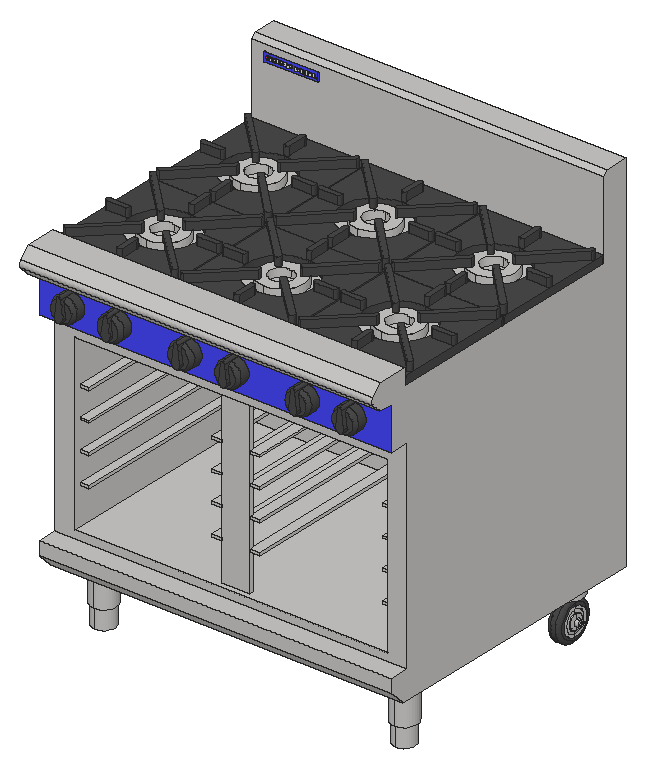
Revit family "QF_MOFFAT_BLUESEAL_CE_G516D-CB", category Specialty Equipment, Revit 2012 (continued)
Definition of nested family "GAS BURNER 900"
  Forms (mm)
    Extrusion 2, solid, material "QF_Finishes_Black"
      sketch origin (0, 0, 19.5) x (0, -1, 0) y (1, 0, 0)
        loop
          spline (130.525, 176.924) -> (131.595, 176.163) -> (132.899, 175.762) -> (134.351, 175.749) -> (135.85, 176.125) -> (137.295, 176.863) -> (138.586, 177.914) -> (139.637, 179.205) -> (140.375, 180.65) -> (140.751, 182.149) -> (140.738, 183.601) -> (140.337, 184.905) -> (139.576, 185.975)
          line (139.576, 185.975) -> (31.653, 293.898)
        loop
          line (160.1, 291.102) -> (160.1, 241.898)
          spline (160.1, 241.898) -> (160.318, 240.604) -> (160.957, 239.398) -> (161.975, 238.362) -> (163.3, 237.568) -> (164.844, 237.068) -> (166.5, 236.898) -> (168.156, 237.068) -> (169.7, 237.568) -> (171.025, 238.362) -> (172.043, 239.398) -> (172.682, 240.604) -> (172.9, 241.898)
          line (172.9, 241.898) -> (172.9, 291.102)
          spline (172.9, 291.102) -> (172.682, 292.396) -> (172.043, 293.602) -> (171.025, 294.638) -> (169.7, 295.432) -> (168.156, 295.932) -> (166.5, 296.102) -> (164.844, 295.932) -> (163.3, 295.432) -> (161.975, 294.638) -> (160.957, 293.602) -> (160.318, 292.396) -> (160.1, 291.102)
        loop
          spline (313.898, 284.847) -> (314.659, 285.916) -> (315.059, 287.221) -> (315.072, 288.672) -> (314.697, 290.171) -> (313.959, 291.616) -> (312.908, 292.908) -> (311.616, 293.959) -> (310.171, 294.697) -> (308.672, 295.072) -> (307.221, 295.059) -> (305.916, 294.659) -> (304.847, 293.898)
          line (304.847, 293.898) -> (193.424, 185.975)
          spline (193.424, 185.975) -> (192.663, 184.905) -> (192.262, 183.601) -> (192.249, 182.149) -> (192.625, 180.65) -> (193.363, 179.205) -> (194.414, 177.914) -> (195.705, 176.863) -> (197.15, 176.125) -> (198.649, 175.749) -> (200.101, 175.762) -> (201.405, 176.163) -> (202.475, 176.924)
          line (202.475, 176.924) -> (313.898, 284.847)
        loop
          spline (311.102, 143.6) -> (312.396, 143.818) -> (313.602, 144.457) -> (314.638, 145.475) -> (315.432, 146.8) -> (315.932, 148.344) -> (316.102, 150) -> (315.932, 151.656) -> (315.432, 153.2) -> (314.638, 154.525) -> (313.602, 155.543) -> (312.396, 156.182) -> (311.102, 156.4)
          line (311.102, 156.4) -> (261.898, 156.4)
          spline (261.898, 156.4) -> (260.604, 156.182) -> (259.398, 155.543) -> (258.362, 154.525) -> (257.568, 153.2) -> (257.068, 151.656) -> (256.898, 150) -> (257.068, 148.344) -> (257.568, 146.8) -> (258.362, 145.475) -> (259.398, 144.457) -> (260.604, 143.818) -> (261.898, 143.6)
          line (261.898, 143.6) -> (311.102, 143.6)
        loop
          line (313.898, 15.153) -> (202.475, 123.076)
          spline (202.475, 123.076) -> (201.405, 123.837) -> (200.101, 124.238) -> (198.649, 124.251) -> (197.15, 123.875) -> (195.705, 123.137) -> (194.414, 122.086) -> (193.363, 120.795) -> (192.625, 119.35) -> (192.249, 117.851) -> (192.262, 116.399) -> (192.663, 115.095) -> (193.424, 114.025)
          line (193.424, 114.025) -> (304.847, 6.102)
          spline (304.847, 6.102) -> (305.916, 5.341) -> (307.221, 4.941) -> (308.672, 4.928) -> (310.171, 5.303) -> (311.616, 6.041) -> (312.908, 7.092) -> (313.959, 8.384) -> (314.697, 9.829) -> (315.072, 11.328) -> (315.059, 12.779) -> (314.659, 14.084) -> (313.898, 15.153)
        loop
          line (172.9, 8.898) -> (172.9, 58.102)
          spline (172.9, 58.102) -> (172.682, 59.396) -> (172.043, 60.602) -> (171.025, 61.638) -> (169.7, 62.432) -> (168.156, 62.932) -> (166.5, 63.102) -> (164.844, 62.932) -> (163.3, 62.432) -> (161.975, 61.638) -> (160.957, 60.602) -> (160.318, 59.396) -> (160.1, 58.102)
          line (160.1, 58.102) -> (160.1, 8.898)
          spline (160.1, 8.898) -> (160.318, 7.604) -> (160.957, 6.398) -> (161.975, 5.362) -> (163.3, 4.568) -> (164.844, 4.068) -> (166.5, 3.898) -> (168.156, 4.068) -> (169.7, 4.568) -> (171.025, 5.362) -> (172.043, 6.398) -> (172.682, 7.604) -> (172.9, 8.898)
      from 0 to 20.5
    Extrusion 3, solid, material "QF_Finishes_Stainless Steel"
      sketch origin (0, -15.098, 0) x (0, -1, 0) y (1, 0, 0)
        loop
          circle (151.402, 150) r 57
        loop
          circle (451.402, 150) r 57
        loop
          circle (151.402, 150) r 30
        loop
          circle (451.402, 150) r 30
      from 0 to 20
    Extrusion 4, solid, material "QF_Finishes_Black"
      sketch origin (600, 0, 0) x (0, -1, 0) y (1, 0, 0)
        loop
          arc (318.5, -4) -> (317.621, -1.879) -> (315.5, -1) r 3
          line (315.5, -1) -> (3, -1)
          arc (3, -1) -> (0.879, -1.879) -> (0, -4) r 3
          line (0, -4) -> (0, -296)
          arc (0, -296) -> (0.879, -298.121) -> (3, -299) r 3
          line (3, -299) -> (315.5, -299)
          arc (315.5, -299) -> (317.621, -298.121) -> (318.5, -296) r 3
          line (318.5, -296) -> (318.5, -4)
        loop
          arc (324.5, -1) -> (322.379, -1.879) -> (321.5, -4) r 3
          line (321.5, -4) -> (321.5, -296)
          arc (321.5, -296) -> (322.379, -298.121) -> (324.5, -299) r 3
          line (324.5, -299) -> (632, -299)
          arc (632, -299) -> (634.121, -298.121) -> (635, -296) r 3
          line (635, -296) -> (635, -4)
          arc (635, -4) -> (634.121, -1.879) -> (632, -1) r 3
          line (632, -1) -> (324.5, -1)
        loop
          circle (168.5, -149.991) r 84.082
        loop
          circle (468.5, -149.991) r 84.082
      from 0 to 19.5
    Extrusion 5, solid, material "QF_Finishes_Black"
      sketch origin (600, 0, 19.5) x (0, -1, 0) y (1, 0, 0)
        loop
          line (326.102, -15.153) -> (434.025, -123.076)
          spline (434.025, -123.076) -> (435.095, -123.837) -> (436.399, -124.238) -> (437.851, -124.251) -> (439.35, -123.875) -> (440.795, -123.137) -> (442.086, -122.086) -> (443.137, -120.795) -> (443.875, -119.35) -> (444.251, -117.851) -> (444.238, -116.399) -> (443.837, -115.095) -> (443.076, -114.025)
          line (443.076, -114.025) -> (335.153, -6.102)
          spline (335.153, -6.102) -> (333.924, -5.181) -> (332.47, -4.631) -> (330.89, -4.49) -> (329.292, -4.767) -> (327.786, -5.443) -> (326.473, -6.473) -> (325.443, -7.786) -> (324.767, -9.292) -> (324.49, -10.89) -> (324.631, -12.47) -> (325.181, -13.924) -> (326.102, -15.153)
        loop
          line (328.898, -156.4) -> (378.102, -156.4)
          spline (378.102, -156.4) -> (379.396, -156.182) -> (380.602, -155.543) -> (381.638, -154.525) -> (382.432, -153.2) -> (382.932, -151.656) -> (383.102, -150) -> (382.932, -148.344) -> (382.432, -146.8) -> (381.638, -145.475) -> (380.602, -144.457) -> (379.396, -143.818) -> (378.102, -143.6)
          line (378.102, -143.6) -> (328.898, -143.6)
          spline (328.898, -143.6) -> (327.604, -143.818) -> (326.398, -144.457) -> (325.362, -145.475) -> (324.568, -146.8) -> (324.068, -148.344) -> (323.898, -150) -> (324.068, -151.656) -> (324.568, -153.2) -> (325.362, -154.525) -> (326.398, -155.543) -> (327.604, -156.182) -> (328.898, -156.4)
        loop
          line (335.153, -293.898) -> (443.076, -185.975)
          spline (443.076, -185.975) -> (443.837, -184.905) -> (444.238, -183.601) -> (444.251, -182.149) -> (443.875, -180.65) -> (443.137, -179.205) -> (442.086, -177.914) -> (440.795, -176.863) -> (439.35, -176.125) -> (437.851, -175.749) -> (436.399, -175.762) -> (435.095, -176.163) -> (434.025, -176.924)
          line (434.025, -176.924) -> (326.102, -284.847)
          spline (326.102, -284.847) -> (325.341, -285.916) -> (324.941, -287.221) -> (324.928, -288.672) -> (325.303, -290.171) -> (326.041, -291.616) -> (327.092, -292.908) -> (328.384, -293.959) -> (329.829, -294.697) -> (331.328, -295.072) -> (332.779, -295.059) -> (334.084, -294.659) -> (335.153, -293.898)
        loop
          spline (463.6, -291.102) -> (463.818, -292.396) -> (464.457, -293.602) -> (465.475, -294.638) -> (466.8, -295.432) -> (468.344, -295.932) -> (470, -296.102) -> (471.656, -295.932) -> (473.2, -295.432) -> (474.525, -294.638) -> (475.543, -293.602) -> (476.182, -292.396) -> (476.4, -291.102)
          line (476.4, -291.102) -> (476.4, -241.898)
          spline (476.4, -241.898) -> (476.182, -240.604) -> (475.543, -239.398) -> (474.525, -238.362) -> (473.2, -237.568) -> (471.656, -237.068) -> (470, -236.898) -> (468.344, -237.068) -> (466.8, -237.568) -> (465.475, -238.362) -> (464.457, -239.398) -> (463.818, -240.604) -> (463.6, -241.898)
          line (463.6, -241.898) -> (463.6, -291.102)
        loop
          line (612.398, -284.847) -> (505.975, -176.924)
          spline (505.975, -176.924) -> (504.905, -176.163) -> (503.601, -175.762) -> (502.149, -175.749) -> (500.65, -176.125) -> (499.205, -176.863) -> (497.914, -177.914) -> (496.863, -179.205) -> (496.125, -180.65) -> (495.749, -182.149) -> (495.762, -183.601) -> (496.163, -184.905) -> (496.924, -185.975)
          line (496.924, -185.975) -> (603.347, -293.898)
          spline (603.347, -293.898) -> (604.416, -294.659) -> (605.721, -295.059) -> (607.172, -295.072) -> (608.671, -294.697) -> (610.116, -293.959) -> (611.408, -292.908) -> (612.459, -291.616) -> (613.197, -290.171) -> (613.572, -288.672) -> (613.559, -287.221) -> (613.159, -285.916) -> (612.398, -284.847)
        loop
          line (609.602, -143.6) -> (561.898, -143.6)
          spline (561.898, -143.6) -> (560.604, -143.818) -> (559.398, -144.457) -> (558.362, -145.475) -> (557.568, -146.8) -> (557.068, -148.344) -> (556.898, -150) -> (557.068, -151.656) -> (557.568, -153.2) -> (558.362, -154.525) -> (559.398, -155.543) -> (560.604, -156.182) -> (561.898, -156.4)
          line (561.898, -156.4) -> (609.602, -156.4)
          spline (609.602, -156.4) -> (610.896, -156.182) -> (612.102, -155.543) -> (613.138, -154.525) -> (613.932, -153.2) -> (614.432, -151.656) -> (614.602, -150) -> (614.432, -148.344) -> (613.932, -146.8) -> (613.138, -145.475) -> (612.102, -144.457) -> (610.896, -143.818) -> (609.602, -143.6)
        loop
          spline (612.398, -15.153) -> (613.159, -14.084) -> (613.559, -12.779) -> (613.572, -11.328) -> (613.197, -9.829) -> (612.459, -8.384) -> (611.408, -7.092) -> (610.116, -6.041) -> (608.671, -5.303) -> (607.172, -4.928) -> (605.721, -4.941) -> (604.416, -5.341) -> (603.347, -6.102)
          line (603.347, -6.102) -> (496.924, -114.025)
          spline (496.924, -114.025) -> (496.163, -115.095) -> (495.762, -116.399) -> (495.749, -117.851) -> (496.125, -119.35) -> (496.863, -120.795) -> (497.914, -122.086) -> (499.205, -123.137) -> (500.65, -123.875) -> (502.149, -124.251) -> (503.601, -124.238) -> (504.905, -123.837) -> (505.975, -123.076)
          line (505.975, -123.076) -> (612.398, -15.153)
        loop
          spline (476.4, -8.898) -> (476.182, -7.604) -> (475.543, -6.398) -> (474.525, -5.362) -> (473.2, -4.568) -> (471.656, -4.068) -> (470, -3.898) -> (468.344, -4.068) -> (466.8, -4.568) -> (465.475, -5.362) -> (464.457, -6.398) -> (463.818, -7.604) -> (463.6, -8.898)
          line (463.6, -8.898) -> (463.6, -58.102)
          spline (463.6, -58.102) -> (463.818, -59.396) -> (464.457, -60.602) -> (465.475, -61.638) -> (466.8, -62.432) -> (468.344, -62.932) -> (470, -63.102) -> (471.656, -62.932) -> (473.2, -62.432) -> (474.525, -61.638) -> (475.543, -60.602) -> (476.182, -59.396) -> (476.4, -58.102)
          line (476.4, -58.102) -> (476.4, -8.898)
        loop
          line (22.602, -15.153) -> (130.525, -123.076)
          spline (130.525, -123.076) -> (131.595, -123.837) -> (132.899, -124.238) -> (134.351, -124.251) -> (135.85, -123.875) -> (137.295, -123.137) -> (138.586, -122.086) -> (139.637, -120.795) -> (140.375, -119.35) -> (140.751, -117.851) -> (140.738, -116.399) -> (140.337, -115.095) -> (139.576, -114.025)
          line (139.576, -114.025) -> (31.653, -6.102)
          spline (31.653, -6.102) -> (30.424, -5.181) -> (28.97, -4.631) -> (27.39, -4.49) -> (25.792, -4.767) -> (24.286, -5.443) -> (22.973, -6.473) -> (21.943, -7.786) -> (21.267, -9.292) -> (20.99, -10.89) -> (21.131, -12.47) -> (21.681, -13.924) -> (22.602, -15.153)
        loop
          line (25.398, -156.4) -> (74.602, -156.4)
          spline (74.602, -156.4) -> (75.896, -156.182) -> (77.102, -155.543) -> (78.138, -154.525) -> (78.932, -153.2) -> (79.432, -151.656) -> (79.602, -150) -> (79.432, -148.344) -> (78.932, -146.8) -> (78.138, -145.475) -> (77.102, -144.457) -> (75.896, -143.818) -> (74.602, -143.6)
          line (74.602, -143.6) -> (25.398, -143.6)
          spline (25.398, -143.6) -> (24.104, -143.818) -> (22.898, -144.457) -> (21.862, -145.475) -> (21.068, -146.8) -> (20.568, -148.344) -> (20.398, -150) -> (20.568, -151.656) -> (21.068, -153.2) -> (21.862, -154.525) -> (22.898, -155.543) -> (24.104, -156.182) -> (25.398, -156.4)
        loop
          line (31.653, -293.898) -> (139.576, -185.975)
          spline (139.576, -185.975) -> (140.337, -184.905) -> (140.738, -183.601) -> (140.751, -182.149) -> (140.375, -180.65) -> (139.637, -179.205) -> (138.586, -177.914) -> (137.295, -176.863) -> (135.85, -176.125) -> (134.351, -175.749) -> (132.899, -175.762) -> (131.595, -176.163) -> (130.525, -176.924)
          line (130.525, -176.924) -> (22.602, -284.847)
          spline (22.602, -284.847) -> (21.841, -285.916) -> (21.441, -287.221) -> (21.428, -288.672) -> (21.803, -290.171) -> (22.541, -291.616) -> (23.592, -292.908) -> (24.884, -293.959) -> (26.329, -294.697) -> (27.828, -295.072) -> (29.279, -295.059) -> (30.584, -294.659) -> (31.653, -293.898)
        loop
          spline (160.1, -291.102) -> (160.318, -292.396) -> (160.957, -293.602) -> (161.975, -294.638) -> (163.3, -295.432) -> (164.844, -295.932) -> (166.5, -296.102) -> (168.156, -295.932) -> (169.7, -295.432) -> (171.025, -294.638) -> (172.043, -293.602) -> (172.682, -292.396) -> (172.9, -291.102)
          line (172.9, -291.102) -> (172.9, -241.898)
          spline (172.9, -241.898) -> (172.682, -240.604) -> (172.043, -239.398) -> (171.025, -238.362) -> (169.7, -237.568) -> (168.156, -237.068) -> (166.5, -236.898) -> (164.844, -237.068) -> (163.3, -237.568) -> (161.975, -238.362) -> (160.957, -239.398) -> (160.318, -240.604) -> (160.1, -241.898)
          line (160.1, -241.898) -> (160.1, -291.102)
        loop
          line (313.898, -284.847) -> (202.475, -176.924)
          spline (202.475, -176.924) -> (201.405, -176.163) -> (200.101, -175.762) -> (198.649, -175.749) -> (197.15, -176.125) -> (195.705, -176.863) -> (194.414, -177.914) -> (193.363, -179.205) -> (192.625, -180.65) -> (192.249, -182.149) -> (192.262, -183.601) -> (192.663, -184.905) -> (193.424, -185.975)
          line (193.424, -185.975) -> (304.847, -293.898)
          spline (304.847, -293.898) -> (305.916, -294.659) -> (307.221, -295.059) -> (308.672, -295.072) -> (310.171, -294.697) -> (311.616, -293.959) -> (312.908, -292.908) -> (313.959, -291.616) -> (314.697, -290.171) -> (315.072, -288.672) -> (315.059, -287.221) -> (314.659, -285.916) -> (313.898, -284.847)
        loop
          line (311.102, -143.6) -> (261.898, -143.6)
          spline (261.898, -143.6) -> (260.604, -143.818) -> (259.398, -144.457) -> (258.362, -145.475) -> (257.568, -146.8) -> (257.068, -148.344) -> (256.898, -150) -> (257.068, -151.656) -> (257.568, -153.2) -> (258.362, -154.525) -> (259.398, -155.543) -> (260.604, -156.182) -> (261.898, -156.4)
          line (261.898, -156.4) -> (311.102, -156.4)
          spline (311.102, -156.4) -> (312.396, -156.182) -> (313.602, -155.543) -> (314.638, -154.525) -> (315.432, -153.2) -> (315.932, -151.656) -> (316.102, -150) -> (315.932, -148.344) -> (315.432, -146.8) -> (314.638, -145.475) -> (313.602, -144.457) -> (312.396, -143.818) -> (311.102, -143.6)
        loop
          spline (313.898, -15.153) -> (314.659, -14.084) -> (315.059, -12.779) -> (315.072, -11.328) -> (314.697, -9.829) -> (313.959, -8.384) -> (312.908, -7.092) -> (311.616, -6.041) -> (310.171, -5.303) -> (308.672, -4.928) -> (307.221, -4.941) -> (305.916, -5.341) -> (304.847, -6.102)
          line (304.847, -6.102) -> (193.424, -114.025)
          spline (193.424, -114.025) -> (192.663, -115.095) -> (192.262, -116.399) -> (192.249, -117.851) -> (192.625, -119.35) -> (193.363, -120.795) -> (194.414, -122.086) -> (195.705, -123.137) -> (197.15, -123.875) -> (198.649, -124.251) -> (200.101, -124.238) -> (201.405, -123.837) -> (202.475, -123.076)
          line (202.475, -123.076) -> (313.898, -15.153)
        loop
          spline (172.9, -8.898) -> (172.682, -7.604) -> (172.043, -6.398) -> (171.025, -5.362) -> (169.7, -4.568) -> (168.156, -4.068) -> (166.5, -3.898) -> (164.844, -4.068) -> (163.3, -4.568) -> (161.975, -5.362) -> (160.957, -6.398) -> (160.318, -7.604) -> (160.1, -8.898)
          line (160.1, -8.898) -> (160.1, -58.102)
          spline (160.1, -58.102) -> (160.318, -59.396) -> (160.957, -60.602) -> (161.975, -61.638) -> (163.3, -62.432) -> (164.844, -62.932) -> (166.5, -63.102) -> (168.156, -62.932) -> (169.7, -62.432) -> (171.025, -61.638) -> (172.043, -60.602) -> (172.682, -59.396) -> (172.9, -58.102)
          line (172.9, -58.102) -> (172.9, -8.898)
      from 0 to 20.5
    Extrusion 6, solid, material "QF_Finishes_Stainless Steel"
      sketch origin (600, -15.098, 0) x (0, -1, 0) y (1, 0, 0)
        loop
          circle (151.402, -150) r 57
        loop
          circle (451.402, -150) r 57
        loop
          circle (151.402, -150) r 30
        loop
          circle (451.402, -150) r 30
      from 0 to 20
    Extrusion 7, solid, material "QF_Finishes_Black"
      sketch origin (901, 0, 19.5) x (0, -1, 0) y (1, 0, 0)
        loop
          line (326.102, -15.153) -> (434.025, -123.076)
          spline (434.025, -123.076) -> (435.095, -123.837) -> (436.399, -124.238) -> (437.851, -124.251) -> (439.35, -123.875) -> (440.795, -123.137) -> (442.086, -122.086) -> (443.137, -120.795) -> (443.875, -119.35) -> (444.251, -117.851) -> (444.238, -116.399) -> (443.837, -115.095) -> (443.076, -114.025)
          line (443.076, -114.025) -> (335.153, -6.102)
          spline (335.153, -6.102) -> (333.924, -5.181) -> (332.47, -4.631) -> (330.89, -4.49) -> (329.292, -4.767) -> (327.786, -5.443) -> (326.473, -6.473) -> (325.443, -7.786) -> (324.767, -9.292) -> (324.49, -10.89) -> (324.631, -12.47) -> (325.181, -13.924) -> (326.102, -15.153)
        loop
          line (328.898, -156.4) -> (378.102, -156.4)
          spline (378.102, -156.4) -> (379.396, -156.182) -> (380.602, -155.543) -> (381.638, -154.525) -> (382.432, -153.2) -> (382.932, -151.656) -> (383.102, -150) -> (382.932, -148.344) -> (382.432, -146.8) -> (381.638, -145.475) -> (380.602, -144.457) -> (379.396, -143.818) -> (378.102, -143.6)
          line (378.102, -143.6) -> (328.898, -143.6)
          spline (328.898, -143.6) -> (327.604, -143.818) -> (326.398, -144.457) -> (325.362, -145.475) -> (324.568, -146.8) -> (324.068, -148.344) -> (323.898, -150) -> (324.068, -151.656) -> (324.568, -153.2) -> (325.362, -154.525) -> (326.398, -155.543) -> (327.604, -156.182) -> (328.898, -156.4)
        loop
          line (335.153, -293.898) -> (443.076, -185.975)
          spline (443.076, -185.975) -> (443.837, -184.905) -> (444.238, -183.601) -> (444.251, -182.149) -> (443.875, -180.65) -> (443.137, -179.205) -> (442.086, -177.914) -> (440.795, -176.863) -> (439.35, -176.125) -> (437.851, -175.749) -> (436.399, -175.762) -> (435.095, -176.163) -> (434.025, -176.924)
          line (434.025, -176.924) -> (326.102, -284.847)
          spline (326.102, -284.847) -> (325.341, -285.916) -> (324.941, -287.221) -> (324.928, -288.672) -> (325.303, -290.171) -> (326.041, -291.616) -> (327.092, -292.908) -> (328.384, -293.959) -> (329.829, -294.697) -> (331.328, -295.072) -> (332.779, -295.059) -> (334.084, -294.659) -> (335.153, -293.898)
        loop
          spline (463.6, -291.102) -> (463.818, -292.396) -> (464.457, -293.602) -> (465.475, -294.638) -> (466.8, -295.432) -> (468.344, -295.932) -> (470, -296.102) -> (471.656, -295.932) -> (473.2, -295.432) -> (474.525, -294.638) -> (475.543, -293.602) -> (476.182, -292.396) -> (476.4, -291.102)
          line (476.4, -291.102) -> (476.4, -241.898)
          spline (476.4, -241.898) -> (476.182, -240.604) -> (475.543, -239.398) -> (474.525, -238.362) -> (473.2, -237.568) -> (471.656, -237.068) -> (470, -236.898) -> (468.344, -237.068) -> (466.8, -237.568) -> (465.475, -238.362) -> (464.457, -239.398) -> (463.818, -240.604) -> (463.6, -241.898)
          line (463.6, -241.898) -> (463.6, -291.102)
        loop
          line (612.398, -284.847) -> (505.975, -176.924)
          spline (505.975, -176.924) -> (504.905, -176.163) -> (503.601, -175.762) -> (502.149, -175.749) -> (500.65, -176.125) -> (499.205, -176.863) -> (497.914, -177.914) -> (496.863, -179.205) -> (496.125, -180.65) -> (495.749, -182.149) -> (495.762, -183.601) -> (496.163, -184.905) -> (496.924, -185.975)
          line (496.924, -185.975) -> (603.347, -293.898)
          spline (603.347, -293.898) -> (604.416, -294.659) -> (605.721, -295.059) -> (607.172, -295.072) -> (608.671, -294.697) -> (610.116, -293.959) -> (611.408, -292.908) -> (612.459, -291.616) -> (613.197, -290.171) -> (613.572, -288.672) -> (613.559, -287.221) -> (613.159, -285.916) -> (612.398, -284.847)
        loop
          line (609.602, -143.6) -> (561.898, -143.6)
          spline (561.898, -143.6) -> (560.604, -143.818) -> (559.398, -144.457) -> (558.362, -145.475) -> (557.568, -146.8) -> (557.068, -148.344) -> (556.898, -150) -> (557.068, -151.656) -> (557.568, -153.2) -> (558.362, -154.525) -> (559.398, -155.543) -> (560.604, -156.182) -> (561.898, -156.4)
          line (561.898, -156.4) -> (609.602, -156.4)
          spline (609.602, -156.4) -> (610.896, -156.182) -> (612.102, -155.543) -> (613.138, -154.525) -> (613.932, -153.2) -> (614.432, -151.656) -> (614.602, -150) -> (614.432, -148.344) -> (613.932, -146.8) -> (613.138, -145.475) -> (612.102, -144.457) -> (610.896, -143.818) -> (609.602, -143.6)
        loop
          spline (612.398, -15.153) -> (613.159, -14.084) -> (613.559, -12.779) -> (613.572, -11.328) -> (613.197, -9.829) -> (612.459, -8.384) -> (611.408, -7.092) -> (610.116, -6.041) -> (608.671, -5.303) -> (607.172, -4.928) -> (605.721, -4.941) -> (604.416, -5.341) -> (603.347, -6.102)
          line (603.347, -6.102) -> (496.924, -114.025)
          spline (496.924, -114.025) -> (496.163, -115.095) -> (495.762, -116.399) -> (495.749, -117.851) -> (496.125, -119.35) -> (496.863, -120.795) -> (497.914, -122.086) -> (499.205, -123.137) -> (500.65, -123.875) -> (502.149, -124.251) -> (503.601, -124.238) -> (504.905, -123.837) -> (505.975, -123.076)
          line (505.975, -123.076) -> (612.398, -15.153)
        loop
          spline (476.4, -8.898) -> (476.182, -7.604) -> (475.543, -6.398) -> (474.525, -5.362) -> (473.2, -4.568) -> (471.656, -4.068) -> (470, -3.898) -> (468.344, -4.068) -> (466.8, -4.568) -> (465.475, -5.362) -> (464.457, -6.398) -> (463.818, -7.604) -> (463.6, -8.898)
          line (463.6, -8.898) -> (463.6, -58.102)
          spline (463.6, -58.102) -> (463.818, -59.396) -> (464.457, -60.602) -> (465.475, -61.638) -> (466.8, -62.432) -> (468.344, -62.932) -> (470, -63.102) -> (471.656, -62.932) -> (473.2, -62.432) -> (474.525, -61.638) -> (475.543, -60.602) -> (476.182, -59.396) -> (476.4, -58.102)
          line (476.4, -58.102) -> (476.4, -8.898)
        loop
          line (22.602, -15.153) -> (130.525, -123.076)
          spline (130.525, -123.076) -> (131.595, -123.837) -> (132.899, -124.238) -> (134.351, -124.251) -> (135.85, -123.875) -> (137.295, -123.137) -> (138.586, -122.086) -> (139.637, -120.795) -> (140.375, -119.35) -> (140.751, -117.851) -> (140.738, -116.399) -> (140.337, -115.095) -> (139.576, -114.025)
          line (139.576, -114.025) -> (31.653, -6.102)
          spline (31.653, -6.102) -> (30.424, -5.181) -> (28.97, -4.631) -> (27.39, -4.49) -> (25.792, -4.767) -> (24.286, -5.443) -> (22.973, -6.473) -> (21.943, -7.786) -> (21.267, -9.292) -> (20.99, -10.89) -> (21.131, -12.47) -> (21.681, -13.924) -> (22.602, -15.153)
        loop
          line (25.398, -156.4) -> (74.602, -156.4)
          spline (74.602, -156.4) -> (75.896, -156.182) -> (77.102, -155.543) -> (78.138, -154.525) -> (78.932, -153.2) -> (79.432, -151.656) -> (79.602, -150) -> (79.432, -148.344) -> (78.932, -146.8) -> (78.138, -145.475) -> (77.102, -144.457) -> (75.896, -143.818) -> (74.602, -143.6)
          line (74.602, -143.6) -> (25.398, -143.6)
          spline (25.398, -143.6) -> (24.104, -143.818) -> (22.898, -144.457) -> (21.862, -145.475) -> (21.068, -146.8) -> (20.568, -148.344) -> (20.398, -150) -> (20.568, -151.656) -> (21.068, -153.2) -> (21.862, -154.525) -> (22.898, -155.543) -> (24.104, -156.182) -> (25.398, -156.4)
        loop
          line (31.653, -293.898) -> (139.576, -185.975)
          spline (139.576, -185.975) -> (140.337, -184.905) -> (140.738, -183.601) -> (140.751, -182.149) -> (140.375, -180.65) -> (139.637, -179.205) -> (138.586, -177.914) -> (137.295, -176.863) -> (135.85, -176.125) -> (134.351, -175.749) -> (132.899, -175.762) -> (131.595, -176.163) -> (130.525, -176.924)
          line (130.525, -176.924) -> (22.602, -284.847)
          spline (22.602, -284.847) -> (21.841, -285.916) -> (21.441, -287.221) -> (21.428, -288.672) -> (21.803, -290.171) -> (22.541, -291.616) -> (23.592, -292.908) -> (24.884, -293.959) -> (26.329, -294.697) -> (27.828, -295.072) -> (29.279, -295.059) -> (30.584, -294.659) -> (31.653, -293.898)
        loop
          spline (160.1, -291.102) -> (160.318, -292.396) -> (160.957, -293.602) -> (161.975, -294.638) -> (163.3, -295.432) -> (164.844, -295.932) -> (166.5, -296.102) -> (168.156, -295.932) -> (169.7, -295.432) -> (171.025, -294.638) -> (172.043, -293.602) -> (172.682, -292.396) -> (172.9, -291.102)
          line (172.9, -291.102) -> (172.9, -241.898)
          spline (172.9, -241.898) -> (172.682, -240.604) -> (172.043, -239.398) -> (171.025, -238.362) -> (169.7, -237.568) -> (168.156, -237.068) -> (166.5, -236.898) -> (164.844, -237.068) -> (163.3, -237.568) -> (161.975, -238.362) -> (160.957, -239.398) -> (160.318, -240.604) -> (160.1, -241.898)
          line (160.1, -241.898) -> (160.1, -291.102)
        loop
          line (313.898, -284.847) -> (202.475, -176.924)
          spline (202.475, -176.924) -> (201.405, -176.163) -> (200.101, -175.762) -> (198.649, -175.749) -> (197.15, -176.125) -> (195.705, -176.863) -> (194.414, -177.914) -> (193.363, -179.205) -> (192.625, -180.65) -> (192.249, -182.149) -> (192.262, -183.601) -> (192.663, -184.905) -> (193.424, -185.975)
          line (193.424, -185.975) -> (304.847, -293.898)
          spline (304.847, -293.898) -> (305.916, -294.659) -> (307.221, -295.059) -> (308.672, -295.072) -> (310.171, -294.697) -> (311.616, -293.959) -> (312.908, -292.908) -> (313.959, -291.616) -> (314.697, -290.171) -> (315.072, -288.672) -> (315.059, -287.221) -> (314.659, -285.916) -> (313.898, -284.847)
        loop
          line (311.102, -143.6) -> (261.898, -143.6)
          spline (261.898, -143.6) -> (260.604, -143.818) -> (259.398, -144.457) -> (258.362, -145.475) -> (257.568, -146.8) -> (257.068, -148.344) -> (256.898, -150) -> (257.068, -151.656) -> (257.568, -153.2) -> (258.362, -154.525) -> (259.398, -155.543) -> (260.604, -156.182) -> (261.898, -156.4)
          line (261.898, -156.4) -> (311.102, -156.4)
          spline (311.102, -156.4) -> (312.396, -156.182) -> (313.602, -155.543) -> (314.638, -154.525) -> (315.432, -153.2) -> (315.932, -151.656) -> (316.102, -150) -> (315.932, -148.344) -> (315.432, -146.8) -> (314.638, -145.475) -> (313.602, -144.457) -> (312.396, -143.818) -> (311.102, -143.6)
        loop
          spline (313.898, -15.153) -> (314.659, -14.084) -> (315.059, -12.779) -> (315.072, -11.328) -> (314.697, -9.829) -> (313.959, -8.384) -> (312.908, -7.092) -> (311.616, -6.041) -> (310.171, -5.303) -> (308.672, -4.928) -> (307.221, -4.941) -> (305.916, -5.341) -> (304.847, -6.102)
          line (304.847, -6.102) -> (193.424, -114.025)
          spline (193.424, -114.025) -> (192.663, -115.095) -> (192.262, -116.399) -> (192.249, -117.851) -> (192.625, -119.35) -> (193.363, -120.795) -> (194.414, -122.086) -> (195.705, -123.137) -> (197.15, -123.875) -> (198.649, -124.251) -> (200.101, -124.238) -> (201.405, -123.837) -> (202.475, -123.076)
          line (202.475, -123.076) -> (313.898, -15.153)
        loop
          spline (172.9, -8.898) -> (172.682, -7.604) -> (172.043, -6.398) -> (171.025, -5.362) -> (169.7, -4.568) -> (168.156, -4.068) -> (166.5, -3.898) -> (164.844, -4.068) -> (163.3, -4.568) -> (161.975, -5.362) -> (160.957, -6.398) -> (160.318, -7.604) -> (160.1, -8.898)
          line (160.1, -8.898) -> (160.1, -58.102)
          spline (160.1, -58.102) -> (160.318, -59.396) -> (160.957, -60.602) -> (161.975, -61.638) -> (163.3, -62.432) -> (164.844, -62.932) -> (166.5, -63.102) -> (168.156, -62.932) -> (169.7, -62.432) -> (171.025, -61.638) -> (172.043, -60.602) -> (172.682, -59.396) -> (172.9, -58.102)
          line (172.9, -58.102) -> (172.9, -8.898)
      from 0 to 20.5
    Extrusion 8, solid, material "QF_Finishes_Stainless Steel"
      sketch origin (901, -15.098, 0) x (0, -1, 0) y (1, 0, 0)
        loop
          circle (151.402, -150) r 57
        loop
          circle (451.402, -150) r 57
        loop
          circle (151.402, -150) r 30
        loop
          circle (451.402, -150) r 30
      from 0 to 20
    Extrusion 9, solid, material "QF_Finishes_Black"
      sketch origin (901, 0, 0) x (0, -1, 0) y (1, 0, 0)
        loop
          arc (318.5, -4) -> (317.621, -1.879) -> (315.5, -1) r 3
          line (315.5, -1) -> (3, -1)
          arc (3, -1) -> (0.879, -1.879) -> (0, -4) r 3
          line (0, -4) -> (0, -296)
          arc (0, -296) -> (0.879, -298.121) -> (3, -299) r 3
          line (3, -299) -> (315.5, -299)
          arc (315.5, -299) -> (317.621, -298.121) -> (318.5, -296) r 3
          line (318.5, -296) -> (318.5, -4)
        loop
          arc (324.5, -1) -> (322.379, -1.879) -> (321.5, -4) r 3
          line (321.5, -4) -> (321.5, -296)
          arc (321.5, -296) -> (322.379, -298.121) -> (324.5, -299) r 3
          line (324.5, -299) -> (632, -299)
          arc (632, -299) -> (634.121, -298.121) -> (635, -296) r 3
          line (635, -296) -> (635, -4)
          arc (635, -4) -> (634.121, -1.879) -> (632, -1) r 3
          line (632, -1) -> (324.5, -1)
        loop
          circle (168.5, -149.991) r 84.082
        loop
          circle (468.5, -149.991) r 84.082
      from 0 to 19.5
    Extrusion 10, solid, material "QF_Finishes_Stainless Steel"
      sketch origin (901, -15.098, 0) x (0, -1, 0) y (1, 0, 0)
        loop
          circle (151.402, -150) r 57
        loop
          circle (451.402, -150) r 57
        loop
          circle (151.402, -150) r 30
        loop
          circle (451.402, -150) r 30
      from 0 to 20
  Lines and regions (mm)
    symbolic lines
      curve 1: line (284.847, -22.602, 0) -> (176.924, -130.525, 0)
      curve 2: spline (176.924, -130.525, 0) -> (176.163, -131.595, 0) -> (175.762, -132.899, 0) -> (175.749, -134.351, 0) -> (176.125, -135.85, 0) -> (176.863, -137.295, 0) -> (177.914, -138.586, 0) -> (179.205, -139.637, 0) -> (180.65, -140.375, 0) -> (182.149, -140.751, 0) -> (183.601, -140.738, 0) -> (184.905, -140.337, 0) -> (185.975, -139.576, 0)
      curve 3: line (185.975, -139.576, 0) -> (293.898, -31.653, 0)
      curve 4: spline (293.898, -31.653, 0) -> (294.659, -30.584, 0) -> (295.059, -29.279, 0) -> (295.072, -27.828, 0) -> (294.697, -26.329, 0) -> (293.959, -24.884, 0) -> (292.908, -23.592, 0) -> (291.616, -22.541, 0) -> (290.171, -21.803, 0) -> (288.672, -21.428, 0) -> (287.221, -21.441, 0) -> (285.916, -21.841, 0) -> (284.847, -22.602, 0)
      curve 5: line (291.102, -160.1, 0) -> (241.898, -160.1, 0)
      curve 6: spline (241.898, -160.1, 0) -> (240.604, -160.318, 0) -> (239.398, -160.957, 0) -> (238.362, -161.975, 0) -> (237.568, -163.3, 0) -> (237.068, -164.844, 0) -> (236.898, -166.5, 0) -> (237.068, -168.156, 0) -> (237.568, -169.7, 0) -> (238.362, -171.025, 0) -> (239.398, -172.043, 0) -> (240.604, -172.682, 0) -> (241.898, -172.9, 0)
      curve 7: line (241.898, -172.9, 0) -> (291.102, -172.9, 0)
      curve 8: spline (291.102, -172.9, 0) -> (292.396, -172.682, 0) -> (293.602, -172.043, 0) -> (294.638, -171.025, 0) -> (295.432, -169.7, 0) -> (295.932, -168.156, 0) -> (296.102, -166.5, 0) -> (295.932, -164.844, 0) -> (295.432, -163.3, 0) -> (294.638, -161.975, 0) -> (293.602, -160.957, 0) -> (292.396, -160.318, 0) -> (291.102, -160.1, 0)
      curve 9: line (306.102, -31.653, 0) -> (414.025, -139.576, 0)
      curve 10: spline (414.025, -139.576, 0) -> (415.095, -140.337, 0) -> (416.399, -140.738, 0) -> (417.851, -140.751, 0) -> (419.35, -140.375, 0) -> (420.795, -139.637, 0) -> (422.086, -138.586, 0) -> (423.137, -137.295, 0) -> (423.875, -135.85, 0) -> (424.251, -134.351, 0) -> (424.238, -132.899, 0) -> (423.837, -131.595, 0) -> (423.076, -130.525, 0)
      curve 11: line (423.076, -130.525, 0) -> (315.153, -22.602, 0)
      curve 12: spline (315.153, -22.602, 0) -> (314.084, -21.841, 0) -> (312.779, -21.441, 0) -> (311.328, -21.428, 0) -> (309.829, -21.803, 0) -> (308.384, -22.541, 0) -> (307.092, -23.592, 0) -> (306.041, -24.884, 0) -> (305.303, -26.329, 0) -> (304.928, -27.828, 0) -> (304.941, -29.279, 0) -> (305.341, -30.584, 0) -> (306.102, -31.653, 0)
      curve 13: line (443.6, -25.398, 0) -> (443.6, -74.602, 0)
      curve 14: spline (443.6, -74.602, 0) -> (443.818, -75.896, 0) -> (444.457, -77.102, 0) -> (445.475, -78.138, 0) -> (446.8, -78.932, 0) -> (448.344, -79.432, 0) -> (450, -79.602, 0) -> (451.656, -79.432, 0) -> (453.2, -78.932, 0) -> (454.525, -78.138, 0) -> (455.543, -77.102, 0) -> (456.182, -75.896, 0) -> (456.4, -74.602, 0)
      curve 15: line (456.4, -74.602, 0) -> (456.4, -25.398, 0)
      curve 16: spline (456.4, -25.398, 0) -> (456.182, -24.104, 0) -> (455.543, -22.898, 0) -> (454.525, -21.862, 0) -> (453.2, -21.068, 0) -> (451.656, -20.568, 0) -> (450, -20.398, 0) -> (448.344, -20.568, 0) -> (446.8, -21.068, 0) -> (445.475, -21.862, 0) -> (444.457, -22.898, 0) -> (443.818, -24.104, 0) -> (443.6, -25.398, 0)
      curve 17: line (584.847, -22.602, 0) -> (476.924, -130.525, 0)
      curve 18: spline (476.924, -130.525, 0) -> (476.163, -131.595, 0) -> (475.762, -132.899, 0) -> (475.749, -134.351, 0) -> (476.125, -135.85, 0) -> (476.863, -137.295, 0) -> (477.914, -138.586, 0) -> (479.205, -139.637, 0) -> (480.65, -140.375, 0) -> (482.149, -140.751, 0) -> (483.601, -140.738, 0) -> (484.905, -140.337, 0) -> (485.975, -139.576, 0)
      curve 19: line (485.975, -139.576, 0) -> (593.898, -31.653, 0)
      curve 20: spline (593.898, -31.653, 0) -> (594.819, -30.424, 0) -> (595.369, -28.97, 0) -> (595.51, -27.39, 0) -> (595.233, -25.792, 0) -> (594.557, -24.286, 0) -> (593.527, -22.973, 0) -> (592.214, -21.943, 0) -> (590.708, -21.267, 0) -> (589.11, -20.99, 0) -> (587.53, -21.131, 0) -> (586.076, -21.681, 0) -> (584.847, -22.602, 0)
      curve 21: line (591.102, -160.1, 0) -> (541.898, -160.1, 0)
      curve 22: spline (541.898, -160.1, 0) -> (540.604, -160.318, 0) -> (539.398, -160.957, 0) -> (538.362, -161.975, 0) -> (537.568, -163.3, 0) -> (537.068, -164.844, 0) -> (536.898, -166.5, 0) -> (537.068, -168.156, 0) -> (537.568, -169.7, 0) -> (538.362, -171.025, 0) -> (539.398, -172.043, 0) -> (540.604, -172.682, 0) -> (541.898, -172.9, 0)
      curve 23: line (541.898, -172.9, 0) -> (591.102, -172.9, 0)
      curve 24: spline (591.102, -172.9, 0) -> (592.396, -172.682, 0) -> (593.602, -172.043, 0) -> (594.638, -171.025, 0) -> (595.432, -169.7, 0) -> (595.932, -168.156, 0) -> (596.102, -166.5, 0) -> (595.932, -164.844, 0) -> (595.432, -163.3, 0) -> (594.638, -161.975, 0) -> (593.602, -160.957, 0) -> (592.396, -160.318, 0) -> (591.102, -160.1, 0)
      curve 25: line (593.898, -304.847, 0) -> (485.975, -193.424, 0)
      curve 26: spline (485.975, -193.424, 0) -> (484.905, -192.663, 0) -> (483.601, -192.262, 0) -> (482.149, -192.249, 0) -> (480.65, -192.625, 0) -> (479.205, -193.363, 0) -> (477.914, -194.414, 0) -> (476.863, -195.705, 0) -> (476.125, -197.15, 0) -> (475.749, -198.649, 0) -> (475.762, -200.101, 0) -> (476.163, -201.405, 0) -> (476.924, -202.475, 0)
      curve 27: line (476.924, -202.475, 0) -> (584.847, -313.898, 0)
      curve 28: spline (584.847, -313.898, 0) -> (585.916, -314.659, 0) -> (587.221, -315.059, 0) -> (588.672, -315.072, 0) -> (590.171, -314.697, 0) -> (591.616, -313.959, 0) -> (592.908, -312.908, 0) -> (593.959, -311.616, 0) -> (594.697, -310.171, 0) -> (595.072, -308.672, 0) -> (595.059, -307.221, 0) -> (594.659, -305.916, 0) -> (593.898, -304.847, 0)
      curve 29: arc (450, -223.5, 0) -> (468.725, -220.336, 0) -> (485.372, -211.197, 0) r 57
      curve 30: arc (450, -109.5, 0) -> (431.183, -112.696, 0) -> (414.475, -121.924, 0) r 57
      curve 31: arc (450.009, -84.418, 0) -> (478.534, -89.404, 0) -> (503.676, -103.773, 0) r 84.082
      curve 32: arc (450.009, -252.582, 0) -> (420.453, -247.216, 0) -> (394.669, -231.803, 0) r 84.082
      curve 33: arc (450, -136.5, 0) -> (480, -166.5, 0) -> (450, -196.5, 0) r 30
      curve 34: arc (450, -196.5, 0) -> (420, -166.5, 0) -> (450, -136.5, 0) r 30
      curve 35: arc (150, -223.5, 0) -> (168.725, -220.336, 0) -> (185.372, -211.197, 0) r 57
      curve 36: arc (150, -109.5, 0) -> (131.183, -112.696, 0) -> (114.475, -121.924, 0) r 57
      curve 37: arc (149.991, -84.418, 0) -> (178.523, -89.406, 0) -> (203.668, -103.781, 0) r 84.082
      curve 38: arc (149.991, -252.582, 0) -> (120.441, -247.219, 0) -> (94.661, -231.812, 0) r 84.082
      curve 39: line (156.4, -74.602, 0) -> (156.4, -25.398, 0)
      curve 40: spline (156.4, -25.398, 0) -> (156.182, -24.104, 0) -> (155.543, -22.898, 0) -> (154.525, -21.862, 0) -> (153.2, -21.068, 0) -> (151.656, -20.568, 0) -> (150, -20.398, 0) -> (148.344, -20.568, 0) -> (146.8, -21.068, 0) -> (145.475, -21.862, 0) -> (144.457, -22.898, 0) -> (143.818, -24.104, 0) -> (143.6, -25.398, 0)
      curve 41: line (143.6, -25.398, 0) -> (143.6, -74.602, 0)
      curve 42: spline (143.6, -74.602, 0) -> (143.818, -75.896, 0) -> (144.457, -77.102, 0) -> (145.475, -78.138, 0) -> (146.8, -78.932, 0) -> (148.344, -79.432, 0) -> (150, -79.602, 0) -> (151.656, -79.432, 0) -> (153.2, -78.932, 0) -> (154.525, -78.138, 0) -> (155.543, -77.102, 0) -> (156.182, -75.896, 0) -> (156.4, -74.602, 0)
      curve 43: line (358.102, -160.1, 0) -> (308.898, -160.1, 0)
      curve 44: spline (308.898, -160.1, 0) -> (307.604, -160.318, 0) -> (306.398, -160.957, 0) -> (305.362, -161.975, 0) -> (304.568, -163.3, 0) -> (304.068, -164.844, 0) -> (303.898, -166.5, 0) -> (304.068, -168.156, 0) -> (304.568, -169.7, 0) -> (305.362, -171.025, 0) -> (306.398, -172.043, 0) -> (307.604, -172.682, 0) -> (308.898, -172.9, 0)
      curve 45: line (308.898, -172.9, 0) -> (358.102, -172.9, 0)
      curve 46: spline (358.102, -172.9, 0) -> (359.396, -172.682, 0) -> (360.602, -172.043, 0) -> (361.638, -171.025, 0) -> (362.432, -169.7, 0) -> (362.932, -168.156, 0) -> (363.102, -166.5, 0) -> (362.932, -164.844, 0) -> (362.432, -163.3, 0) -> (361.638, -161.975, 0) -> (360.602, -160.957, 0) -> (359.396, -160.318, 0) -> (358.102, -160.1, 0)
      curve 47: line (414.025, -193.424, 0) -> (306.102, -304.847, 0)
      curve 48: spline (306.102, -304.847, 0) -> (305.341, -305.916, 0) -> (304.941, -307.221, 0) -> (304.928, -308.672, 0) -> (305.303, -310.171, 0) -> (306.041, -311.616, 0) -> (307.092, -312.908, 0) -> (308.384, -313.959, 0) -> (309.829, -314.697, 0) -> (311.328, -315.072, 0) -> (312.779, -315.059, 0) -> (314.084, -314.659, 0) -> (315.153, -313.898, 0)
      curve 49: line (315.153, -313.898, 0) -> (423.076, -202.475, 0)
      curve 50: spline (423.076, -202.475, 0) -> (423.837, -201.405, 0) -> (424.238, -200.101, 0) -> (424.251, -198.649, 0) -> (423.875, -197.15, 0) -> (423.137, -195.705, 0) -> (422.086, -194.414, 0) -> (420.795, -193.363, 0) -> (419.35, -192.625, 0) -> (417.851, -192.249, 0) -> (416.399, -192.262, 0) -> (415.095, -192.663, 0) -> (414.025, -193.424, 0)
      curve 51: line (456.4, -311.102, 0) -> (456.4, -261.898, 0)
      curve 52: spline (456.4, -261.898, 0) -> (456.182, -260.604, 0) -> (455.543, -259.398, 0) -> (454.525, -258.362, 0) -> (453.2, -257.568, 0) -> (451.656, -257.068, 0) -> (450, -256.898, 0) -> (448.344, -257.068, 0) -> (446.8, -257.568, 0) -> (445.475, -258.362, 0) -> (444.457, -259.398, 0) -> (443.818, -260.604, 0) -> (443.6, -261.898, 0)
      curve 53: line (443.6, -261.898, 0) -> (443.6, -311.102, 0)
      curve 54: spline (443.6, -311.102, 0) -> (443.818, -312.396, 0) -> (444.457, -313.602, 0) -> (445.475, -314.638, 0) -> (446.8, -315.432, 0) -> (448.344, -315.932, 0) -> (450, -316.102, 0) -> (451.656, -315.932, 0) -> (453.2, -315.432, 0) -> (454.525, -314.638, 0) -> (455.543, -313.602, 0) -> (456.182, -312.396, 0) -> (456.4, -311.102, 0)
      curve 55: line (596, 0, 0) -> (304, 0, 0)
      curve 56: arc (304, 0, 0) -> (301.879, -0.879, 0) -> (301, -3, 0) r 3
      curve 57: line (301, -3, 0) -> (301, -315.5, 0)
      curve 58: arc (301, -315.5, 0) -> (301.879, -317.621, 0) -> (304, -318.5, 0) r 3
      curve 59: line (304, -318.5, 0) -> (596, -318.5, 0)
      curve 60: arc (596, -318.5, 0) -> (598.121, -317.621, 0) -> (599, -315.5, 0) r 3
      curve 61: line (599, -315.5, 0) -> (599, -3, 0)
      curve 62: arc (599, -3, 0) -> (598.121, -0.879, 0) -> (596, 0, 0) r 3
      curve 63: line (296, 0, 0) -> (4, 0, 0)
      curve 64: arc (4, 0, 0) -> (1.879, -0.879, 0) -> (1, -3, 0) r 3
      curve 65: line (1, -3, 0) -> (1, -315.5, 0)
      curve 66: arc (1, -315.5, 0) -> (1.879, -317.621, 0) -> (4, -318.5, 0) r 3
      curve 67: line (4, -318.5, 0) -> (296, -318.5, 0)
      curve 68: arc (296, -318.5, 0) -> (298.121, -317.621, 0) -> (299, -315.5, 0) r 3
      curve 69: line (299, -315.5, 0) -> (299, -3, 0)
      curve 70: arc (299, -3, 0) -> (298.121, -0.879, 0) -> (296, 0, 0) r 3
      curve 71: line (296, -321.5, 0) -> (4, -321.5, 0)
      curve 72: arc (4, -321.5, 0) -> (1.879, -322.379, 0) -> (1, -324.5, 0) r 3
      curve 73: line (1, -324.5, 0) -> (1, -632, 0)
      curve 74: arc (1, -632, 0) -> (1.879, -634.121, 0) -> (4, -635, 0) r 3
      curve 75: line (4, -635, 0) -> (296, -635, 0)
      curve 76: arc (296, -635, 0) -> (298.121, -634.121, 0) -> (299, -632, 0) r 3
      curve 77: line (299, -632, 0) -> (299, -324.5, 0)
      curve 78: arc (299, -324.5, 0) -> (298.121, -322.379, 0) -> (296, -321.5, 0) r 3
      curve 79: line (596, -321.5, 0) -> (304, -321.5, 0)
      curve 80: arc (304, -321.5, 0) -> (301.879, -322.379, 0) -> (301, -324.5, 0) r 3
      curve 81: line (301, -324.5, 0) -> (301, -632, 0)
      curve 82: arc (301, -632, 0) -> (301.879, -634.121, 0) -> (304, -635, 0) r 3
      curve 83: line (304, -635, 0) -> (596, -635, 0)
      curve 84: arc (596, -635, 0) -> (598.121, -634.121, 0) -> (599, -632, 0) r 3
      curve 85: line (599, -632, 0) -> (599, -324.5, 0)
      curve 86: arc (599, -324.5, 0) -> (598.121, -322.379, 0) -> (596, -321.5, 0) r 3
      curve 87: line (293.898, -304.847, 0) -> (185.975, -193.424, 0)
      curve 88: spline (185.975, -193.424, 0) -> (184.905, -192.663, 0) -> (183.601, -192.262, 0) -> (182.149, -192.249, 0) -> (180.65, -192.625, 0) -> (179.205, -193.363, 0) -> (177.914, -194.414, 0) -> (176.863, -195.705, 0) -> (176.125, -197.15, 0) -> (175.749, -198.649, 0) -> (175.762, -200.101, 0) -> (176.163, -201.405, 0) -> (176.924, -202.475, 0)
      curve 89: line (176.924, -202.475, 0) -> (284.847, -313.898, 0)
      curve 90: spline (284.847, -313.898, 0) -> (285.916, -314.659, 0) -> (287.221, -315.059, 0) -> (288.672, -315.072, 0) -> (290.171, -314.697, 0) -> (291.616, -313.959, 0) -> (292.908, -312.908, 0) -> (293.959, -311.616, 0) -> (294.697, -310.171, 0) -> (295.072, -308.672, 0) -> (295.059, -307.221, 0) -> (294.659, -305.916, 0) -> (293.898, -304.847, 0)
      curve 91: line (15.153, -313.898, 0) -> (123.076, -202.475, 0)
      curve 92: spline (123.076, -202.475, 0) -> (123.837, -201.405, 0) -> (124.238, -200.101, 0) -> (124.251, -198.649, 0) -> (123.875, -197.15, 0) -> (123.137, -195.705, 0) -> (122.086, -194.414, 0) -> (120.795, -193.363, 0) -> (119.35, -192.625, 0) -> (117.851, -192.249, 0) -> (116.399, -192.262, 0) -> (115.095, -192.663, 0) -> (114.025, -193.424, 0)
      curve 93: line (114.025, -193.424, 0) -> (6.102, -304.847, 0)
      curve 94: spline (6.102, -304.847, 0) -> (5.341, -305.916, 0) -> (4.941, -307.221, 0) -> (4.928, -308.672, 0) -> (5.303, -310.171, 0) -> (6.041, -311.616, 0) -> (7.092, -312.908, 0) -> (8.384, -313.959, 0) -> (9.829, -314.697, 0) -> (11.328, -315.072, 0) -> (12.779, -315.059, 0) -> (14.084, -314.659, 0) -> (15.153, -313.898, 0)
      curve 95: line (8.898, -172.9, 0) -> (58.102, -172.9, 0)
      curve 96: spline (58.102, -172.9, 0) -> (59.396, -172.682, 0) -> (60.602, -172.043, 0) -> (61.638, -171.025, 0) -> (62.432, -169.7, 0) -> (62.932, -168.156, 0) -> (63.102, -166.5, 0) -> (62.932, -164.844, 0) -> (62.432, -163.3, 0) -> (61.638, -161.975, 0) -> (60.602, -160.957, 0) -> (59.396, -160.318, 0) -> (58.102, -160.1, 0)
      curve 97: line (58.102, -160.1, 0) -> (8.898, -160.1, 0)
      curve 98: spline (8.898, -160.1, 0) -> (7.604, -160.318, 0) -> (6.398, -160.957, 0) -> (5.362, -161.975, 0) -> (4.568, -163.3, 0) -> (4.068, -164.844, 0) -> (3.898, -166.5, 0) -> (4.068, -168.156, 0) -> (4.568, -169.7, 0) -> (5.362, -171.025, 0) -> (6.398, -172.043, 0) -> (7.604, -172.682, 0) -> (8.898, -172.9, 0)
      curve 99: line (6.102, -31.653, 0) -> (114.025, -139.576, 0)
      curve 100: spline (114.025, -139.576, 0) -> (115.095, -140.337, 0) -> (116.399, -140.738, 0) -> (117.851, -140.751, 0) -> (119.35, -140.375, 0) -> (120.795, -139.637, 0) -> (122.086, -138.586, 0) -> (123.137, -137.295, 0) -> (123.875, -135.85, 0) -> (124.251, -134.351, 0) -> (124.238, -132.899, 0) -> (123.837, -131.595, 0) -> (123.076, -130.525, 0)
      curve 101: line (123.076, -130.525, 0) -> (15.153, -22.602, 0)
      curve 102: spline (15.153, -22.602, 0) -> (13.924, -21.681, 0) -> (12.47, -21.131, 0) -> (10.89, -20.99, 0) -> (9.292, -21.267, 0) -> (7.786, -21.943, 0) -> (6.473, -22.973, 0) -> (5.443, -24.286, 0) -> (4.767, -25.792, 0) -> (4.49, -27.39, 0) -> (4.631, -28.97, 0) -> (5.181, -30.424, 0) -> (6.102, -31.653, 0)
      curve 103: arc (150, -136.5, 0) -> (180, -166.5, 0) -> (150, -196.5, 0) r 30
      curve 104: arc (150, -196.5, 0) -> (120, -166.5, 0) -> (150, -136.5, 0) r 30
      curve 105: line (156.4, -311.102, 0) -> (156.4, -261.898, 0)
      curve 106: spline (156.4, -261.898, 0) -> (156.182, -260.604, 0) -> (155.543, -259.398, 0) -> (154.525, -258.362, 0) -> (153.2, -257.568, 0) -> (151.656, -257.068, 0) -> (150, -256.898, 0) -> (148.344, -257.068, 0) -> (146.8, -257.568, 0) -> (145.475, -258.362, 0) -> (144.457, -259.398, 0) -> (143.818, -260.604, 0) -> (143.6, -261.898, 0)
      curve 107: line (143.6, -261.898, 0) -> (143.6, -311.102, 0)
      curve 108: spline (143.6, -311.102, 0) -> (143.818, -312.396, 0) -> (144.457, -313.602, 0) -> (145.475, -314.638, 0) -> (146.8, -315.432, 0) -> (148.344, -315.932, 0) -> (150, -316.102, 0) -> (151.656, -315.932, 0) -> (153.2, -315.432, 0) -> (154.525, -314.638, 0) -> (155.543, -313.602, 0) -> (156.182, -312.396, 0) -> (156.4, -311.102, 0)
      curve 109: line (156.4, -378.102, 0) -> (156.4, -328.898, 0)
      curve 110: spline (156.4, -328.898, 0) -> (156.182, -327.604, 0) -> (155.543, -326.398, 0) -> (154.525, -325.362, 0) -> (153.2, -324.568, 0) -> (151.656, -324.068, 0) -> (150, -323.898, 0) -> (148.344, -324.068, 0) -> (146.8, -324.568, 0) -> (145.475, -325.362, 0) -> (144.457, -326.398, 0) -> (143.818, -327.604, 0) -> (143.6, -328.898, 0)
      curve 111: line (143.6, -328.898, 0) -> (143.6, -378.102, 0)
      curve 112: spline (143.6, -378.102, 0) -> (143.818, -379.396, 0) -> (144.457, -380.602, 0) -> (145.475, -381.638, 0) -> (146.8, -382.432, 0) -> (148.344, -382.932, 0) -> (150, -383.102, 0) -> (151.656, -382.932, 0) -> (153.2, -382.432, 0) -> (154.525, -381.638, 0) -> (155.543, -380.602, 0) -> (156.182, -379.396, 0) -> (156.4, -378.102, 0)
      curve 113: line (284.847, -326.102, 0) -> (176.924, -434.025, 0)
      curve 114: spline (176.924, -434.025, 0) -> (176.163, -435.095, 0) -> (175.762, -436.399, 0) -> (175.749, -437.851, 0) -> (176.125, -439.35, 0) -> (176.863, -440.795, 0) -> (177.914, -442.086, 0) -> (179.205, -443.137, 0) -> (180.65, -443.875, 0) -> (182.149, -444.251, 0) -> (183.601, -444.238, 0) -> (184.905, -443.837, 0) -> (185.975, -443.076, 0)
      curve 115: line (185.975, -443.076, 0) -> (293.898, -335.153, 0)
      curve 116: spline (293.898, -335.153, 0) -> (294.659, -334.084, 0) -> (295.059, -332.779, 0) -> (295.072, -331.328, 0) -> (294.697, -329.829, 0) -> (293.959, -328.384, 0) -> (292.908, -327.092, 0) -> (291.616, -326.041, 0) -> (290.171, -325.303, 0) -> (288.672, -324.928, 0) -> (287.221, -324.941, 0) -> (285.916, -325.341, 0) -> (284.847, -326.102, 0)
      curve 117: line (123.076, -434.025, 0) -> (15.153, -326.102, 0)
      curve 118: spline (15.153, -326.102, 0) -> (13.924, -325.181, 0) -> (12.47, -324.631, 0) -> (10.89, -324.49, 0) -> (9.292, -324.767, 0) -> (7.786, -325.443, 0) -> (6.473, -326.473, 0) -> (5.443, -327.786, 0) -> (4.767, -329.292, 0) -> (4.49, -330.89, 0) -> (4.631, -332.47, 0) -> (5.181, -333.924, 0) -> (6.102, -335.153, 0)
      curve 119: line (6.102, -335.153, 0) -> (114.025, -443.076, 0)
      curve 120: spline (114.025, -443.076, 0) -> (115.095, -443.837, 0) -> (116.399, -444.238, 0) -> (117.851, -444.251, 0) -> (119.35, -443.875, 0) -> (120.795, -443.137, 0) -> (122.086, -442.086, 0) -> (123.137, -440.795, 0) -> (123.875, -439.35, 0) -> (124.251, -437.851, 0) -> (124.238, -436.399, 0) -> (123.837, -435.095, 0) -> (123.076, -434.025, 0)
      curve 121: line (58.102, -463.6, 0) -> (8.898, -463.6, 0)
      curve 122: spline (8.898, -463.6, 0) -> (7.604, -463.818, 0) -> (6.398, -464.457, 0) -> (5.362, -465.475, 0) -> (4.568, -466.8, 0) -> (4.068, -468.344, 0) -> (3.898, -470, 0) -> (4.068, -471.656, 0) -> (4.568, -473.2, 0) -> (5.362, -474.525, 0) -> (6.398, -475.543, 0) -> (7.604, -476.182, 0) -> (8.898, -476.4, 0)
      curve 123: line (8.898, -476.4, 0) -> (58.102, -476.4, 0)
      curve 124: spline (58.102, -476.4, 0) -> (59.396, -476.182, 0) -> (60.602, -475.543, 0) -> (61.638, -474.525, 0) -> (62.432, -473.2, 0) -> (62.932, -471.656, 0) -> (63.102, -470, 0) -> (62.932, -468.344, 0) -> (62.432, -466.8, 0) -> (61.638, -465.475, 0) -> (60.602, -464.457, 0) -> (59.396, -463.818, 0) -> (58.102, -463.6, 0)
      curve 125: line (114.025, -496.924, 0) -> (6.102, -603.347, 0)
      curve 126: spline (6.102, -603.347, 0) -> (5.341, -604.416, 0) -> (4.941, -605.721, 0) -> (4.928, -607.172, 0) -> (5.303, -608.671, 0) -> (6.041, -610.116, 0) -> (7.092, -611.408, 0) -> (8.384, -612.459, 0) -> (9.829, -613.197, 0) -> (11.328, -613.572, 0) -> (12.779, -613.559, 0) -> (14.084, -613.159, 0) -> (15.153, -612.398, 0)
      curve 127: line (15.153, -612.398, 0) -> (123.076, -505.975, 0)
      curve 128: spline (123.076, -505.975, 0) -> (123.837, -504.905, 0) -> (124.238, -503.601, 0) -> (124.251, -502.149, 0) -> (123.875, -500.65, 0) -> (123.137, -499.205, 0) -> (122.086, -497.914, 0) -> (120.795, -496.863, 0) -> (119.35, -496.125, 0) -> (117.851, -495.749, 0) -> (116.399, -495.762, 0) -> (115.095, -496.163, 0) -> (114.025, -496.924, 0)
      curve 129: line (156.4, -609.602, 0) -> (156.4, -561.898, 0)
      curve 130: spline (156.4, -561.898, 0) -> (156.182, -560.604, 0) -> (155.543, -559.398, 0) -> (154.525, -558.362, 0) -> (153.2, -557.568, 0) -> (151.656, -557.068, 0) -> (150, -556.898, 0) -> (148.344, -557.068, 0) -> (146.8, -557.568, 0) -> (145.475, -558.362, 0) -> (144.457, -559.398, 0) -> (143.818, -560.604, 0) -> (143.6, -561.898, 0)
      curve 131: line (143.6, -561.898, 0) -> (143.6, -609.602, 0)
      curve 132: spline (143.6, -609.602, 0) -> (143.818, -610.896, 0) -> (144.457, -612.102, 0) -> (145.475, -613.138, 0) -> (146.8, -613.932, 0) -> (148.344, -614.432, 0) -> (150, -614.602, 0) -> (151.656, -614.432, 0) -> (153.2, -613.932, 0) -> (154.525, -613.138, 0) -> (155.543, -612.102, 0) -> (156.182, -610.896, 0) -> (156.4, -609.602, 0)
      curve 133: line (176.924, -505.975, 0) -> (284.847, -612.398, 0)
      curve 134: spline (284.847, -612.398, 0) -> (285.916, -613.159, 0) -> (287.221, -613.559, 0) -> (288.672, -613.572, 0) -> (290.171, -613.197, 0) -> (291.616, -612.459, 0) -> (292.908, -611.408, 0) -> (293.959, -610.116, 0) -> (294.697, -608.671, 0) -> (295.072, -607.172, 0) -> (295.059, -605.721, 0) -> (294.659, -604.416, 0) -> (293.898, -603.347, 0)
      curve 135: line (293.898, -603.347, 0) -> (185.975, -496.924, 0)
      curve 136: spline (185.975, -496.924, 0) -> (184.905, -496.163, 0) -> (183.601, -495.762, 0) -> (182.149, -495.749, 0) -> (180.65, -496.125, 0) -> (179.205, -496.863, 0) -> (177.914, -497.914, 0) -> (176.863, -499.205, 0) -> (176.125, -500.65, 0) -> (175.749, -502.149, 0) -> (175.762, -503.601, 0) -> (176.163, -504.905, 0) -> (176.924, -505.975, 0)
      curve 137: arc (149.991, -384.418, 0) -> (179.687, -389.836, 0) -> (205.556, -405.393, 0) r 84.082
      curve 138: arc (149.991, -552.582, 0) -> (121.173, -547.489, 0) -> (95.845, -532.827, 0) r 84.082
      curve 139: arc (150, -523.5, 0) -> (167.666, -520.693, 0) -> (183.592, -512.55, 0) r 57
      curve 140: arc (150, -409.5, 0) -> (130.014, -413.119, 0) -> (112.566, -423.515, 0) r 57
      curve 141: arc (150, -436.5, 0) -> (180, -466.5, 0) -> (150, -496.5, 0) r 30
      curve 142: arc (150, -496.5, 0) -> (120, -466.5, 0) -> (150, -436.5, 0) r 30
      curve 143: line (291.102, -463.6, 0) -> (241.898, -463.6, 0)
      curve 144: spline (241.898, -463.6, 0) -> (240.604, -463.818, 0) -> (239.398, -464.457, 0) -> (238.362, -465.475, 0) -> (237.568, -466.8, 0) -> (237.068, -468.344, 0) -> (236.898, -470, 0) -> (237.068, -471.656, 0) -> (237.568, -473.2, 0) -> (238.362, -474.525, 0) -> (239.398, -475.543, 0) -> (240.604, -476.182, 0) -> (241.898, -476.4, 0)
      curve 145: line (241.898, -476.4, 0) -> (291.102, -476.4, 0)
      curve 146: spline (291.102, -476.4, 0) -> (292.396, -476.182, 0) -> (293.602, -475.543, 0) -> (294.638, -474.525, 0) -> (295.432, -473.2, 0) -> (295.932, -471.656, 0) -> (296.102, -470, 0) -> (295.932, -468.344, 0) -> (295.432, -466.8, 0) -> (294.638, -465.475, 0) -> (293.602, -464.457, 0) -> (292.396, -463.818, 0) -> (291.102, -463.6, 0)
      curve 147: line (423.076, -434.025, 0) -> (315.153, -326.102, 0)
      curve 148: spline (315.153, -326.102, 0) -> (314.084, -325.341, 0) -> (312.779, -324.941, 0) -> (311.328, -324.928, 0) -> (309.829, -325.303, 0) -> (308.384, -326.041, 0) -> (307.092, -327.092, 0) -> (306.041, -328.384, 0) -> (305.303, -329.829, 0) -> (304.928, -331.328, 0) -> (304.941, -332.779, 0) -> (305.341, -334.084, 0) -> (306.102, -335.153, 0)
      curve 149: line (306.102, -335.153, 0) -> (414.025, -443.076, 0)
      curve 150: spline (414.025, -443.076, 0) -> (415.095, -443.837, 0) -> (416.399, -444.238, 0) -> (417.851, -444.251, 0) -> (419.35, -443.875, 0) -> (420.795, -443.137, 0) -> (422.086, -442.086, 0) -> (423.137, -440.795, 0) -> (423.875, -439.35, 0) -> (424.251, -437.851, 0) -> (424.238, -436.399, 0) -> (423.837, -435.095, 0) -> (423.076, -434.025, 0)
      curve 151: line (443.6, -328.898, 0) -> (443.6, -378.102, 0)
      curve 152: spline (443.6, -378.102, 0) -> (443.818, -379.396, 0) -> (444.457, -380.602, 0) -> (445.475, -381.638, 0) -> (446.8, -382.432, 0) -> (448.344, -382.932, 0) -> (450, -383.102, 0) -> (451.656, -382.932, 0) -> (453.2, -382.432, 0) -> (454.525, -381.638, 0) -> (455.543, -380.602, 0) -> (456.182, -379.396, 0) -> (456.4, -378.102, 0)
      curve 153: line (456.4, -378.102, 0) -> (456.4, -328.898, 0)
      curve 154: spline (456.4, -328.898, 0) -> (456.182, -327.604, 0) -> (455.543, -326.398, 0) -> (454.525, -325.362, 0) -> (453.2, -324.568, 0) -> (451.656, -324.068, 0) -> (450, -323.898, 0) -> (448.344, -324.068, 0) -> (446.8, -324.568, 0) -> (445.475, -325.362, 0) -> (444.457, -326.398, 0) -> (443.818, -327.604, 0) -> (443.6, -328.898, 0)
      curve 155: line (584.847, -326.102, 0) -> (476.924, -434.025, 0)
      curve 156: spline (476.924, -434.025, 0) -> (476.163, -435.095, 0) -> (475.762, -436.399, 0) -> (475.749, -437.851, 0) -> (476.125, -439.35, 0) -> (476.863, -440.795, 0) -> (477.914, -442.086, 0) -> (479.205, -443.137, 0) -> (480.65, -443.875, 0) -> (482.149, -444.251, 0) -> (483.601, -444.238, 0) -> (484.905, -443.837, 0) -> (485.975, -443.076, 0)
      curve 157: line (485.975, -443.076, 0) -> (593.898, -335.153, 0)
